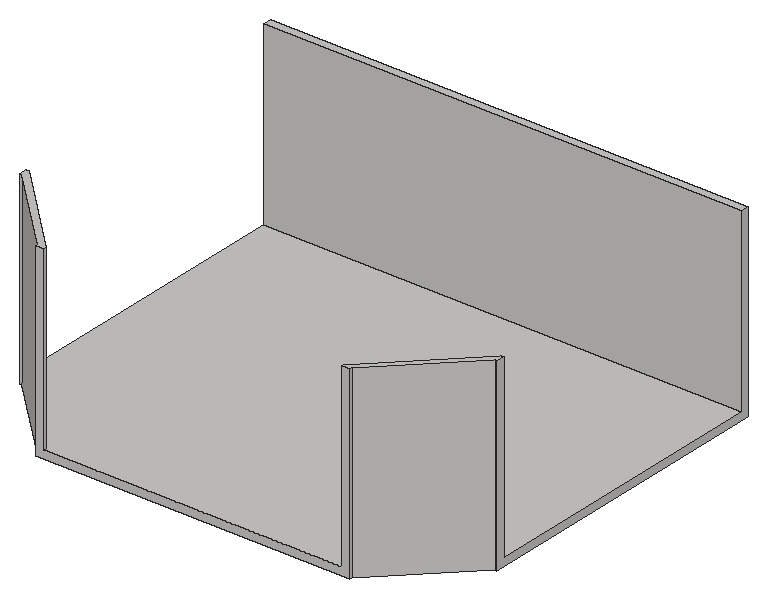
Revit family "Cable_Tray_Fitting-Ventilated_Tray-OBO_Bettermann-Channel_Horizontal_Tee_100-300-MKS_Magic", category Cable Tray Fittings, Revit 2012
Parameters (values of type "Hot Dipped Galvanised")
  URL = "http://www.obo-bettermann.com/"
  Tray Width 3 [instance] = 100 mm
  Tray Width 1 [instance] = 100 mm
  Tray Length [instance] = 0.794 mm
  Tray Height [instance] = 60 mm
  built-in parameter 1140111 [instance] = 2.58 mm
  Radius Label 1 [instance] = Radius Label + [built-in parameter 1140111]  # 27.98 mm
  Radius Label [instance] = Radius  # 25.4 mm
  Radius = 25.4 mm
  Product Page URL = "http://catalog2.obo-bettermann.com/catalogue/catalogue.do?favOid=kts_315277&act=showIO&lang=en&action=start&catId=KTS&forward=showSolutionView"
  Product Documentation Link = ""
  Pre Galvanized = no
  Model = "MKS-Magic"
  Manufacturer = "OBO Bettermann"
  Description = "Ventilated Cable Tray"
  Connector Description 3 = "Connector for Cable Tray 3"  # constant formula
  Connector Description 2 = "Connector for Cable Tray 2"  # constant formula
  Connector Description = "Connector for Cable Tray 1"  # constant formula
  Classification = "Refer to nline catalog for UL and cUL classifed sizes and wire sizes."
  Cable Tray Material = Metal - OBO Bettermann - Hot-Dipped-Galvanised
  Assembly Code = "D5030600"
Types (2, lengths in mm): name | Cable Tray Material
  Stripped Galvanised | Metal - OBO Bettermann - Strip-Galvanised
  Hot Dipped Galvanised | Metal - OBO Bettermann - Hot-Dipped-Galvanised
Reference planes
  plane 1 "Center (Front/Back)": y = 0
  plane 2: z = 0
  plane 3 "Center (Left/Right)": x = 0
  plane 4: y = 50
  plane 5: y = -50
  plane 6: z = 30
  plane 7: z = -30
  plane 8: y = -75.4
  plane 9: x = -50
  plane 10: x = 50
  plane 11: x = -75.4
  plane 12: x = 75.4
  plane 13: y = -47.42
  plane 14: y = 47.42
  plane 15: y = -76.194
  plane 16: x = -47.42
  plane 17: x = 47.42
  plane 18: x = -76.194
  plane 19: x = 76.194
  plane 20: z = -27.42
Forms (mm)
  Extrusion 1, solid, material "Metal - OBO Bettermann - Hot-Dipped-Galvanised" <- "Cable Tray Material", detail levels fine
    sketch origin (0, 0, 0) x (1, 0, 0) y (0, 1, 0)
      loop
        line (-76.194, -47.42) -> (-76.194, -50) -> (-75.4, -50) -> (-50, -75.4) -> (-50, -76.194) -> (-47.42, -76.194) -> (-47.42, -75.4) -> (-75.4, -47.42) -> (-76.194, -47.42)
      loop
        line (75.4, -50) -> (76.194, -50) -> (76.194, -47.42) -> (75.4, -47.42) -> (47.42, -75.4) -> (47.42, -76.194) -> (50, -76.194) -> (50, -75.4) -> (75.4, -50)
      loop
        line (-76.194, 50) -> (-76.194, 47.42) -> (76.194, 47.42) -> (76.194, 50) -> (-76.194, 50)
    from -30 to 30
  Extrusion 2, solid, material "Metal - OBO Bettermann - Hot-Dipped-Galvanised" <- "Cable Tray Material", detail levels fine
    sketch origin (0, 0, 0) x (1, 0, 0) y (0, 1, 0)
      loop
        line (-76.194, -50) -> (-75.4, -50) -> (-50, -75.4) -> (-50, -76.194) -> (50, -76.194) -> (50, -75.4) -> (75.4, -50) -> (76.194, -50) -> (76.194, 50) -> (-76.194, 50) -> (-76.194, -50)
    from -30 to -27.42
  Extrusion 3, solid, material "Metal - OBO Bettermann - Hot-Dipped-Galvanised" <- "Cable Tray Material", detail levels medium
    sketch origin (0, 0, 0) x (1, 0, 0) y (0, 1, 0)
      loop
        line (-76.194, 50) -> (-76.194, -50) -> (-75.4, -50) -> (-50, -75.4) -> (-50, -76.194) -> (50, -76.194) -> (50, -75.4) -> (75.4, -50) -> (76.194, -50) -> (76.194, 50) -> (-76.194, 50)
    from -30 to 30
Cuts and joins
  joined: Extrusion 1, Extrusion 2
Lines and regions (mm)
  model lines, style "Coarse View", detail levels coarse
    curve 1: line (-76.194, 0, 0) -> (76.194, 0, 0)
    curve 2: line (0, 0, 0) -> (0, -76.194, 0)
Dimensions and locks
  equal spacing: plane 4, plane 1 "Center (Front/Back)", plane 5
  "Tray Width 1": plane 4 to plane 5
  equal spacing: plane 6, plane 2, plane 7
  "Tray Height": plane 6 to plane 7
  "Radius Label": plane 5 to plane 8
  equal spacing: plane 9, plane 3 "Center (Left/Right)", plane 10
  "Tray Width 3": plane 9 to plane 10
  "Radius Label": plane 11 to plane 9
  "Radius Label": plane 10 to plane 12
  "built-in parameter 1140111": plane 13 to plane 5
  "built-in parameter 1140111": plane 4 to plane 14
  "Tray Length": plane 8 to plane 15
  "built-in parameter 1140111": plane 9 to plane 16
  "built-in parameter 1140111": plane 17 to plane 10
  "Tray Length": plane 18 to plane 11
  "Tray Length": plane 12 to plane 19
  "built-in parameter 1140111": plane 20 to plane 7
  plane 18 to plane 9 = 26.194 mm
  aligned and locked: plane 11 to Extrusion 1 sketch curve  (x2)
  aligned and locked: Extrusion 1 sketch curve to plane 13
  aligned and locked: plane 18 to Extrusion 1 sketch curve  (x2)
  aligned and locked: Extrusion 1 sketch curve to plane 5
  aligned and locked: plane 8 to Extrusion 1 sketch curve  (x4)
  aligned and locked: Extrusion 1 sketch curve to plane 9
  aligned and locked: plane 15 to Extrusion 1 sketch curve  (x2)
  aligned and locked: Extrusion 1 sketch curve to plane 16
  aligned and locked: plane 16 to Extrusion 1 sketch curve
  aligned and locked: plane 9 to Extrusion 1 sketch curve
  aligned and locked: Extrusion 1 sketch curve to plane 15  (x2)
  aligned and locked: Extrusion 1 sketch curve to plane 18
  aligned and locked: Extrusion 1 to plane 7
  aligned and locked: plane 6 to Extrusion 1
  aligned and locked: plane 12 to Extrusion 1 sketch curve  (x2)
  aligned and locked: plane 19 to Extrusion 1 sketch curve
  aligned and locked: plane 5 to Extrusion 1 sketch curve
  aligned and locked: plane 13 to Extrusion 1 sketch curve
  aligned and locked: Extrusion 1 sketch curve to plane 19  (x2)
  aligned and locked: Extrusion 1 sketch curve to plane 17
  aligned and locked: Extrusion 1 sketch curve to plane 10
  aligned and locked: plane 10 to Extrusion 1 sketch curve
  aligned and locked: plane 17 to Extrusion 1 sketch curve
  aligned and locked: plane 14 to Extrusion 1 sketch curve
  aligned and locked: Extrusion 1 sketch curve to plane 4
  aligned and locked: plane 18 to Extrusion 2 sketch curve
  aligned and locked: plane 11 to Extrusion 2 sketch curve
  aligned and locked: Extrusion 2 sketch curve to plane 5
  aligned and locked: Extrusion 2 sketch curve to plane 18
  aligned and locked: plane 19 to Extrusion 2 sketch curve  (x2)
  aligned and locked: Extrusion 2 sketch curve to plane 4
  aligned and locked: plane 4 to Extrusion 2 sketch curve
  aligned and locked: plane 5 to Extrusion 2 sketch curve
  aligned and locked: plane 12 to Extrusion 2 sketch curve
  aligned and locked: plane 15 to Extrusion 2 sketch curve
  aligned and locked: plane 8 to Extrusion 2 sketch curve
  aligned and locked: plane 10 to Extrusion 2 sketch curve
  aligned and locked: plane 9 to Extrusion 2 sketch curve
  aligned and locked: Extrusion 2 sketch curve to plane 15
  aligned and locked: Extrusion 2 to plane 7
  aligned and locked: plane 20 to Extrusion 2
  aligned and locked: plane 18 to Extrusion 3 sketch curve
  aligned and locked: plane 11 to Extrusion 3 sketch curve
  aligned and locked: Extrusion 3 sketch curve to plane 5  (x2)
  aligned and locked: plane 4 to Extrusion 3 sketch curve  (x2)
  aligned and locked: Extrusion 3 sketch curve to plane 18
  aligned and locked: plane 5 to Extrusion 3 sketch curve
  aligned and locked: Extrusion 3 sketch curve to plane 19
  aligned and locked: plane 12 to Extrusion 3 sketch curve
  aligned and locked: plane 19 to Extrusion 3 sketch curve
  aligned and locked: plane 15 to Extrusion 3 sketch curve
  aligned and locked: Extrusion 3 sketch curve to plane 10
  aligned and locked: plane 8 to Extrusion 3 sketch curve
  aligned and locked: plane 10 to Extrusion 3 sketch curve
  aligned and locked: plane 9 to Extrusion 3 sketch curve
  aligned and locked: Extrusion 3 sketch curve to plane 15
  aligned and locked: Extrusion 3 to plane 7
  aligned and locked: plane 6 to Extrusion 3
  aligned and locked: plane 19 to curve 1
  aligned and locked: plane 18 to curve 1
  aligned and locked: plane 1 "Center (Front/Back)" to curve 1
  aligned and locked: plane 15 to curve 2
  aligned and locked: plane 1 "Center (Front/Back)" to curve 2
  aligned and locked: curve 2 to plane 3 "Center (Left/Right)"
Automatic sketch dimensions
  Extrusion 2 sketch curve to plane 8 = 0 mm
  Extrusion 3 sketch curve to plane 8 = 0 mm
Connectors
  cabletrayconduit at (-76.194, 0, 0), driven by "Tray Height", driven by "Tray Width 1", driven by "Connector Description"
    settings: on Extrusion 3, index 1, connector width 100 mm, connector height 60 mm, connector radius 304.8 mm, connector angle 0.00°, system type 32, placement type 0, profile type 1, connector reference index 2, is primary connector yes, connector utility param no, connector description "Connector for Cable Tray 1"
  cabletrayconduit at (76.194, 0, 0), driven by "Tray Height", driven by "Tray Width 1", driven by "Connector Description 2"
    settings: on Extrusion 3, index 2, connector width 100 mm, connector height 60 mm, connector radius 304.8 mm, connector angle 0.00°, system type 32, placement type 0, profile type 1, connector reference index 1, is primary connector no, connector utility param no, connector description "Connector for Cable Tray 2"
  cabletrayconduit at (0, -76.194, 0), driven by "Tray Height", driven by "Tray Width 3", driven by "Connector Description 3"
    settings: on Extrusion 3, index 3, connector width 100 mm, connector height 60 mm, connector radius 304.8 mm, connector angle 0.00°, system type 32, placement type 0, profile type 1, connector reference index -1, is primary connector no, connector utility param no, connector description "Connector for Cable Tray 3"
